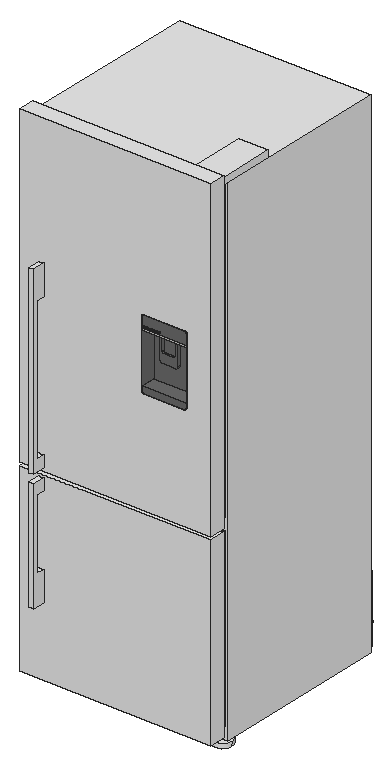
Revit family "Fisher & Paykel Fridge E402BRXFDU4", category Generic Models, host Floor, Revit 2013
Parameters
  URL = "www.fisherpaykel.com"
  Model = "E402BLXFDU4"
  Manufacturer = "Fisher&Paykel"
  Fridge = Fridge
  Designed by = "www.modlar.com"
  Description = "Fisher&Paykel Fridge E402BLXFDU4"
Reference planes
  plane 1 "Center (Front/Back)": y = 0
  plane 2: z = 0
  plane 3 "Center (Left/Right)": x = 0
Dimensions and locks
  equal spacing: host sketch curve, plane 1 "Center (Front/Back)", host sketch curve
  equal spacing: host sketch curve, plane 3 "Center (Left/Right)", host sketch curve
  host sketch curve to host sketch curve = 3048.000 mm  (x2)
  aligned and locked: level to plane 2
Nested families
  nested 1: "E402BLRXFDU4" at (0, 0, 0), type "E402BLRXFDU4"
Definition of nested family "E402BLRXFDU4"
  Parameters (values of type "E402BLRXFDU4")
    Width = 635.000 mm
    URL = "www.fisherpaykel.com"
    Manufacturer = "Fisher&Paykel"
    Fridge = Fridge
    Model = "E402BLXFDU4"
    Height = 1715.000 mm
    Description = "Fisher&Paykel Fridge E402BLXFDU4"
    Depth = 665.000 mm
  Reference planes
    plane 1 "Center (Front/Back)": y = 0
    plane 2: z = 0
    plane 3 "Center (Left/Right)": x = 0
    plane 4: x = -317.5
    plane 5: y = 332.5
    plane 6: y = -332.5
    plane 7: x = 317.5
    plane 8: z = 1715
    plane 9: y = -277.5
    plane 10: z = 24
    plane 11: z = 41
    plane 12: z = 629
    plane 13: z = 639
    plane 14: y = -373.5
    plane 15: x = -254.138
    plane 16: x = -239.5
    plane 17: z = 1283.576
    plane 18: z = 648
    plane 19: z = 619
    plane 20: z = 246
    plane 21: z = 1688
    plane 22: y = -107.5
    plane 23: x = 316.5
    plane 24: y = 362.5
    plane 25: z = 255
    plane 26: z = 225
    plane 27: x = -297.5
    plane 28: x = 297.5
    plane 29: z = 85
    plane 30: x = 280
    plane 31: y = 382.5
    plane 32: z = 1709.5
    plane 33: z = 1688
    plane 34: y = -262.3
    plane 35: x = -309.7
    plane 36: x = 309.7
    plane 37: z = 1682.5
    plane 38: z = 686.5
    plane 39: z = 649
    plane 40: z = 63
    plane 41: z = 14
    plane 42: y = -215.5
    plane 43: y = -164.5
    plane 44: x = 283
    plane 45: z = 1610
    plane 46: x = 87.062
    plane 47: z = 1247.676
    plane 48 "Ice": y = -277.7
    plane 49: y = -243.577
    plane 50: y = -174.677
    plane 51: y = 266.823
  Forms (mm)
    Extrusion 1, solid, material "Fridge" <- "Fridge"
      sketch origin (0, 0, 0) x (1, 0, 0) y (0, 1, 0)
        loop
          line (-317, 332.5) -> (-317, -262.3) -> (317, -262.3) -> (317, 332.5) -> (-317, 332.5)
      from 24 to 1688
    Extrusion 2, solid, material "Fridge" <- "Fridge"
      sketch origin (0, 0, 0) x (1, 0, 0) y (0, 0, 1)
        loop
          line (-317.5, 41) -> (317.5, 41) -> (317.5, 653) -> (-317.5, 653) -> (-317.5, 41)
        loop
          line (-317.5, 663) -> (317.5, 663) -> (317.5, 1715) -> (-317.5, 1715) -> (-317.5, 663)
      from 277.5 to 332.5
    Extrusion 3, solid, material "Fridge" <- "Fridge"
      sketch origin (0.362, 0, 0) x (0, 1, 0) y (0, 0, 1)
        loop
          line (-373.5, 1283.576) -> (-373.5, 672.5) -> (-332.5, 672.5) -> (-332.5, 712.5) -> (-359.031, 712.5) -> (-359.031, 1183.576) -> (-332.5, 1183.576) -> (-332.5, 1283.576) -> (-373.5, 1283.576)
        loop
          line (-373.5, 643.5) -> (-373.5, 270.5) -> (-332.5, 270.5) -> (-332.5, 370.5) -> (-359.031, 370.5) -> (-359.031, 603.5) -> (-332.5, 603.5) -> (-332.5, 643.5) -> (-373.5, 643.5)
      from -254.5 to -239.5
    Extrusion 4, solid, material "Fridge" <- "Fridge"
      sketch origin (0, 0, 0) x (0, 1, 0) y (0, 0, 1)
        loop
          line (362.5, 24) -> (362.5, 248.611) -> (332.5, 278.611) -> (332.5, 24) -> (362.5, 24)
      from -297 to 297
    Extrusion 5, solid, material "Fridge" <- "Fridge"
      sketch origin (0, 0, 0) x (0, 1, 0) y (0, 0, 1)
        loop
          line (-277.5, 62.25) -> (-262.3, 62.25) -> (-262.3, 648.25) -> (-277.5, 648.25) -> (-277.5, 62.25)
        loop
          line (-277.5, 685.5) -> (-262.3, 685.5) -> (-262.3, 1682.4) -> (-277.5, 1682.4) -> (-277.5, 685.5)
      from -309.7 to 309.7
    Extrusion 6, solid, material "Fridge" <- "Fridge"
      sketch origin (0, -15.277, 0) x (1, 0, 0) y (0, 1, 0)
        loop
          circle (-288, -228.3) r 5
        loop
          circle (288, -228.3) r 5
      from 14 to 24
    Extrusion 7, solid, material "Fridge" <- "Fridge"
      sketch origin (0, -15.381, 0) x (1, 0, 0) y (0, 1, 0)
        loop
          circle (-288, -228.3) r 30
        loop
          circle (288, -228.3) r 30
      from 0 to 14
    Extrusion 8, solid, material "Fridge" <- "Fridge"
      sketch origin (0, 16.861, 0.038) x (0, 1, 0) y (0, 0, 1)
        loop
          line (-167.5, 23.962) -> (-215.5, 23.962)
          arc (-215.5, 23.962) -> (-191.5, -0.039) -> (-167.5, 23.962) r 24
        loop
          arc (225.962, 23.962) -> (249.962, -0.039) -> (273.962, 23.962) r 24
          line (273.962, 23.962) -> (225.962, 23.962)
      from 248 to 265
    Extrusion 9, solid, material "Fridge" <- "Fridge"
      sketch origin (0, -1.377, 0) x (0, 1, 0) y (0, 0, -1)
        loop
          arc (-149.262, -24) -> (-173.262, 0) -> (-197.262, -24) r 24
          line (-197.262, -24) -> (-149.262, -24)
        loop
          line (244.2, -24) -> (292.2, -24)
          arc (292.2, -24) -> (268.2, 0) -> (244.2, -24) r 24
      from 248 to 265
    Extrusion 10, solid, material "Fridge" <- "Fridge"
      sketch origin (0, 0, 0) x (1, 0, 0) y (0, 1, 0)
        loop
          line (218.9, -92.5) -> (218.9, -277.5) -> (315.9, -277.5) -> (315.9, -92.5) -> (218.9, -92.5)
      from 1688 to 1709.5
    Extrusion 11, void
      sketch origin (0, 0, 0) x (1, 0, 0) y (0, 0, 1)
        loop
          arc (95.062, 1247.676) -> (89.405, 1245.333) -> (87.062, 1239.676) r 8
          line (87.062, 1239.676) -> (87.062, 1020.076)
          arc (87.062, 1020.076) -> (89.405, 1014.419) -> (95.062, 1012.076) r 8
          line (95.062, 1012.076) -> (229.562, 1012.076)
          arc (229.562, 1012.076) -> (235.219, 1014.419) -> (237.562, 1020.076) r 8
          line (237.562, 1020.076) -> (237.562, 1239.676)
          arc (237.562, 1239.676) -> (235.219, 1245.333) -> (229.562, 1247.676) r 8
          line (229.562, 1247.676) -> (95.062, 1247.676)
      from 277.7 to 332.5
    Extrusion 12, solid, material "Fridge" <- "Fridge"
      sketch origin (-0.486, 0, 0) x (1, 0, 0) y (0, 0, 1)
        loop
          circle (280, 85) r 5
      from -362.5 to -382.5
  Cuts and joins
    Extrusion 11 cuts Extrusion 1
    Extrusion 11 cuts Extrusion 2
  Dimensions and locks
    equal spacing: plane 4, plane 3 "Center (Left/Right)", plane 7
    equal spacing: plane 5, plane 1 "Center (Front/Back)", plane 6
    "Depth": plane 5 to plane 6
    "Width": plane 4 to plane 7
    "Height": plane 8 to level
    plane 13 to plane 12 to plane 11 to plane 10 to level = 10.000 mm, 588.000 mm, 17.000 mm, 24.000 mm
    plane 14 to plane 6 = 41.000 mm
    plane 4 to plane 15 to plane 16 = 63.362 mm, 14.638 mm
    plane 21 to level = 1688.000 mm
    plane 22 to plane 9 = 170.000 mm
    plane 23 to plane 7 = 1.000 mm
    plane 24 to plane 6 = 695.000 mm
    level to plane 26 to plane 25 = 225.000 mm, 30.000 mm
    plane 4 to plane 27 = 20.000 mm
    plane 7 to plane 28 = 20.000 mm
    plane 29 to plane 10 = 61.000 mm
    plane 30 to plane 28 = 17.500 mm
    plane 31 to plane 24 = 20.000 mm
    plane 8 to plane 32 to plane 33 = 5.500 mm, 21.500 mm
    plane 34 to plane 9 = 15.200 mm
    plane 4 to plane 35 = 7.800 mm
    plane 7 to plane 36 = 7.800 mm
    plane 21 to plane 37 to plane 38 to plane 39 to plane 40 = 5.500 mm, 996.000 mm, 37.500 mm, 586.000 mm
    plane 10 to plane 41 = 10.000 mm
    plane 42 to plane 34 = 46.800 mm
    plane 6 to plane 9 to plane 34 = 55.000 mm, 15.200 mm
    plane 34 to plane 5 = 594.800 mm
    plane 20 to level = 246.000 mm
    plane 19 to level = 619.000 mm
    plane 12 to level = 629.000 mm
    plane 13 to level = 639.000 mm
    level to plane 18 = 648.000 mm
    level to plane 17 = 1283.576 mm
    plane 8 to plane 45 = 105.000 mm
    plane 4 to plane 15 = 63.362 mm
    plane 46 to Extrusion 2 = 404.562 mm
    plane 8 to plane 17 = 431.424 mm
    Extrusion 3 to Extrusion 3 = 611.076 mm
    Extrusion 3 to Extrusion 3 = 373.000 mm
    Extrusion 3 sketch curve to Extrusion 3 sketch curve = 100.000 mm
    Extrusion 2 to plane 47 = 467.324 mm
    locked: plane 50 to plane 49 at 68.9
    plane 51 to plane 50 = 441.500 mm
    aligned and locked: plane 2 to level
    aligned and locked: Extrusion 1 sketch curve to plane 5
    aligned and locked: Extrusion 1 to plane 10
    aligned and locked: Extrusion 2 sketch curve to plane 11
    aligned and locked: Extrusion 2 sketch curve to plane 4  (x2)
    aligned and locked: Extrusion 2 sketch curve to plane 7
    aligned and locked: plane 14 to Extrusion 3 sketch curve  (x2)
    aligned and locked: Extrusion 3 sketch curve to plane 6  (x2)
    aligned and locked: plane 21 to Extrusion 1
    aligned and locked: Extrusion 2 sketch curve to plane 8
    aligned and locked: plane 24 to Extrusion 4 sketch curve
    aligned and locked: plane 10 to Extrusion 4 sketch curve
    aligned and locked: plane 5 to Extrusion 4 sketch curve
    aligned and locked: Extrusion 1 sketch curve to plane 34
    aligned and locked: plane 9 to Extrusion 5 sketch curve  (x2)
    aligned and locked: Extrusion 5 sketch curve to plane 34  (x2)
    aligned and locked: Extrusion 6 to Extrusion 1
    aligned and locked: plane 41 to Extrusion 6
    aligned and locked: Extrusion 7 to level
    aligned and locked: Extrusion 7 to Extrusion 6
    aligned and locked: plane 6 to Extrusion 2
    aligned and locked: Extrusion 11 to plane 48 "Ice"
    aligned and locked: Extrusion 10 to plane 33
  Automatic sketch dimensions
    plane 4 to Extrusion 1 sketch curve = 0.500 mm
    plane 7 to Extrusion 1 sketch curve = 0.500 mm
    plane 7 to Extrusion 2 sketch curve = 0.000 mm
    Extrusion 2 sketch curve to plane 39 = 4.000 mm
    Extrusion 2 sketch curve to Extrusion 2 sketch curve = 10.000 mm
    Extrusion 3 sketch curve to plane 6 = 0.000 mm  (x2)
    plane 17 to Extrusion 3 sketch curve = 0.000 mm
    plane 14 to Extrusion 3 sketch curve = 14.469 mm  (x2)
    Extrusion 3 sketch curve to plane 38 = 26.000 mm
    plane 38 to Extrusion 3 sketch curve = 14.000 mm
    plane 13 to Extrusion 3 sketch curve = 4.500 mm
    plane 19 to Extrusion 3 sketch curve = 15.500 mm
    Extrusion 3 sketch curve to plane 25 = 115.500 mm
    Extrusion 3 sketch curve to plane 25 = 15.500 mm
    Extrusion 4 sketch curve to plane 20 = 2.611 mm
    Extrusion 4 sketch curve to plane 25 = 23.611 mm
    plane 40 to Extrusion 5 sketch curve = 0.750 mm
    Extrusion 5 sketch curve to plane 18 = 0.250 mm
    plane 38 to Extrusion 5 sketch curve = 1.000 mm
    plane 37 to Extrusion 5 sketch curve = 0.100 mm
    plane 49 to Extrusion 6 sketch curve = 0.000 mm  (x2)
    plane 27 to Extrusion 6 sketch curve = 9.500 mm
    plane 44 to Extrusion 6 sketch curve = 5.000 mm
    plane 49 to Extrusion 7 sketch curve = 0.104 mm  (x2)
    plane 27 to Extrusion 7 sketch curve = 9.500 mm
    plane 44 to Extrusion 7 sketch curve = 5.000 mm
    Extrusion 8 sketch curve to plane 10 = 0.000 mm  (x2)
    Extrusion 8 sketch curve to plane 42 = 16.861 mm
    Extrusion 8 sketch curve to plane 43 = 13.862 mm
    plane 51 to Extrusion 8 sketch curve = 24.000 mm
    Extrusion 8 sketch curve to plane 51 = 24.000 mm
    Extrusion 9 sketch curve to plane 10 = 0.000 mm  (x2)
    Extrusion 9 sketch curve to plane 42 = 16.861 mm
    Extrusion 9 sketch curve to plane 43 = 13.862 mm
    plane 51 to Extrusion 9 sketch curve = 24.000 mm
    Extrusion 9 sketch curve to plane 51 = 24.000 mm
    plane 9 to Extrusion 10 sketch curve = 0.000 mm
    Extrusion 10 sketch curve to plane 30 = 61.100 mm
    plane 22 to Extrusion 10 sketch curve = 15.000 mm
    Extrusion 10 sketch curve to plane 23 = 0.600 mm
    Extrusion 11 sketch curve to plane 46 = 0.000 mm
    Extrusion 11 sketch curve to plane 47 = 0.000 mm
    plane 46 to Extrusion 11 sketch curve = 8.000 mm  (x2)
    Extrusion 11 sketch curve to plane 47 = 235.600 mm
    Extrusion 11 sketch curve to plane 30 = 50.438 mm  (x2)
    Extrusion 11 sketch curve to plane 47 = 8.000 mm
    Extrusion 12 sketch curve to plane 29 = 0.000 mm
    Extrusion 12 sketch curve to plane 30 = 0.486 mm
    radius of Extrusion 6 sketch curve = 5.000 mm  (x2)
    radius of Extrusion 7 sketch curve = 30.000 mm  (x2)
    radius of Extrusion 12 sketch curve = 5.000 mm
  Nested families
    nested 1: "Ice maker" at (87.062, -277.7, 1012.076), type "Ice maker"
  Definition of nested family "Ice maker"
    Parameters (values of type "Ice maker")
      Ice maker = UHMW, Black
      Fridge = Fridge
      Frame = Steel, Polished
      Brand = none
    Reference planes
      plane 1 "Center (Front/Back)": y = 0
      plane 2: z = 0
      plane 3 "Center (Left/Right)": x = 0
      plane 4: y = -54.8
      plane 5: x = 150.5
      plane 6: z = 235.6
      plane 7: z = 20
      plane 8: z = 187.1
      plane 9: z = 192.6
      plane 10: z = 196.129
      plane 11: x = 5.31
      plane 12: x = 75.25
      plane 13 "ice": y = -27.4
      plane 14: y = -33.4
      plane 15: y = -30.4
      plane 16: z = 179.1
      plane 17: x = 1
      plane 18: x = 149.5
      plane 19: y = -5
    Forms (mm)
      Extrusion 1, solid, material "Steel, Polished" <- "Frame"
        sketch origin (0, 0, 0) x (1, 0, 0) y (0, 0, 1)
          loop
            line (1, 187.1) -> (149.5, 187.1) -> (149.5, 192.6) -> (1, 192.6) -> (1, 187.1)
        from 0 to 54.8
      Extrusion 2, solid, material "UHMW, Black" <- "Ice maker"
        sketch origin (0, 0, 0) x (1, 0, 0) y (0, 0, 1)
          loop
            arc (8, 235.6) -> (2.343, 233.257) -> (0, 227.6) r 8
            line (0, 227.6) -> (0, 8)
            arc (0, 8) -> (2.343, 2.343) -> (8, 0) r 8
            line (8, 0) -> (142.5, 0)
            arc (142.5, 0) -> (148.157, 2.343) -> (150.5, 8) r 8
            line (150.5, 8) -> (150.5, 227.6)
            arc (150.5, 227.6) -> (148.157, 233.257) -> (142.5, 235.6) r 8
            line (142.5, 235.6) -> (8, 235.6)
          loop
            line (1, 192.6) -> (1, 20) -> (149.5, 20) -> (149.5, 192.6) -> (1, 192.6)
        from 0 to 54.8
      Extrusion 3, solid, material "Steel, Polished" <- "Frame"
        sketch origin (37.69, -18.414, 153.295) x (1, 0, 0) y (0, 0, 1)
          loop
            line (-30.953, 48.191) -> (-32.38, 42.834) -> (-31.094, 42.834) -> (-30.512, 45.035) -> (-27.529, 45.035) -> (-27.299, 45.885) -> (-30.282, 45.885) -> (-29.899, 47.34) -> (-26.756, 47.34) -> (-26.526, 48.191) -> (-30.953, 48.191)
          loop
            line (-26.37, 47.421) -> (-25.235, 47.421) -> (-25.024, 48.191) -> (-26.159, 48.191) -> (-26.37, 47.421)
          loop
            line (-26.592, 46.584) -> (-27.585, 42.834) -> (-26.45, 42.834) -> (-25.456, 46.584) -> (-26.592, 46.584)
          loop
            line (21.485, 42.834) -> (22.621, 42.834) -> (24.047, 48.191) -> (22.911, 48.191) -> (21.485, 42.834)
          loop
            spline (-19.682, 44.962) -> (-19.517, 45.32) -> (-19.341, 45.572) -> (-19.153, 45.737) -> (-18.952, 45.832) -> (-18.738, 45.876) -> (-18.508, 45.887) -> (-18.264, 45.882) -> (-18.022, 45.858) -> (-17.81, 45.8) -> (-17.657, 45.69) -> (-17.592, 45.513) -> (-17.643, 45.252)
            line (-17.643, 45.252) -> (-18.286, 42.834) -> (-17.152, 42.834) -> (-16.479, 45.379)
            spline (-16.479, 45.379) -> (-16.389, 45.941) -> (-16.539, 46.285) -> (-16.803, 46.475) -> (-17.067, 46.571) -> (-17.298, 46.611) -> (-17.511, 46.618) -> (-17.718, 46.618) -> (-17.94, 46.617) -> (-18.195, 46.613) -> (-18.507, 46.579) -> (-18.902, 46.407) -> (-19.41, 45.967)
            line (-19.41, 45.967) -> (-18.819, 48.191) -> (-19.953, 48.191) -> (-21.379, 42.834) -> (-20.244, 42.834) -> (-19.682, 44.962)
          loop
            line (-10.936, 46.584) -> (-11.93, 42.834) -> (-10.794, 42.834) -> (-10.213, 45.042)
            spline (-10.213, 45.042) -> (-10.076, 45.38) -> (-9.939, 45.609) -> (-9.796, 45.753) -> (-9.646, 45.834) -> (-9.484, 45.873) -> (-9.306, 45.893) -> (-9.115, 45.906) -> (-8.933, 45.895) -> (-8.784, 45.835) -> (-8.695, 45.704) -> (-8.689, 45.477) -> (-8.793, 45.132)
            line (-8.793, 45.132) -> (-7.722, 45.132)
            spline (-7.722, 45.132) -> (-7.605, 45.844) -> (-7.658, 46.21) -> (-7.808, 46.369) -> (-7.983, 46.455) -> (-8.159, 46.517) -> (-8.34, 46.555) -> (-8.531, 46.568) -> (-8.743, 46.561) -> (-8.983, 46.541) -> (-9.266, 46.475) -> (-9.612, 46.273) -> (-10.043, 45.842)
            line (-10.043, 45.842) -> (-9.801, 46.584) -> (-10.936, 46.584)
          loop
            line (9.569, 42.834) -> (10.392, 42.834)
            arc (10.392, 42.834) -> (10.001, 42.409) -> (9.549, 42.049) r 3.794
            arc (9.549, 42.049) -> (9.121, 41.885) -> (8.668, 41.959) r 0.881
            line (8.668, 41.959) -> (8.546, 41.188)
            arc (8.546, 41.188) -> (9.055, 41.176) -> (9.561, 41.241) r 3.394
            arc (9.561, 41.241) -> (10.199, 41.49) -> (10.719, 41.937) r 2.036
            arc (10.719, 41.937) -> (10.969, 42.261) -> (11.197, 42.601) r 6.112
            line (11.197, 42.601) -> (13.487, 46.584) -> (12.312, 46.584) -> (10.553, 43.42) -> (10.233, 46.584) -> (9.028, 46.584) -> (9.569, 42.834)
          loop
            line (14.08, 48.191) -> (12.646, 42.834) -> (13.782, 42.834) -> (14.223, 44.496) -> (15.035, 44.496) -> (16.119, 42.834) -> (17.378, 42.834) -> (15.943, 44.817) -> (18.042, 46.584) -> (16.873, 46.584) -> (15.227, 45.123) -> (14.395, 45.123) -> (15.206, 48.191) -> (14.08, 48.191)
          loop
            line (-1.576, 42.834) -> (-0.292, 42.834) -> (0.171, 44.56) -> (1.667, 44.56)
            spline (1.667, 44.56) -> (2.694, 44.606) -> (3.391, 44.734) -> (3.851, 44.93) -> (4.163, 45.179) -> (4.387, 45.479) -> (4.555, 45.835) -> (4.699, 46.253) -> (4.841, 46.732) -> (4.888, 47.232) -> (4.687, 47.686) -> (4.087, 48.027) -> (2.933, 48.191)
            line (2.933, 48.191) -> (-0.151, 48.191) -> (-1.576, 42.834)
          loop
            line (0.904, 47.34) -> (0.402, 45.444) -> (1.848, 45.444)
            spline (1.848, 45.444) -> (2.338, 45.429) -> (2.699, 45.492) -> (2.959, 45.62) -> (3.142, 45.799) -> (3.276, 46.016) -> (3.386, 46.255) -> (3.481, 46.504) -> (3.531, 46.746) -> (3.497, 46.966) -> (3.342, 47.149) -> (3.026, 47.279) -> (2.513, 47.34)
            line (2.513, 47.34) -> (0.904, 47.34)
          loop
            line (-14.963, 45.106) -> (-12.914, 45.106)
            spline (-12.914, 45.106) -> (-12.821, 45.458) -> (-12.859, 45.697) -> (-13.001, 45.845) -> (-13.218, 45.92) -> (-13.484, 45.946) -> (-13.77, 45.943) -> (-14.052, 45.926) -> (-14.315, 45.888) -> (-14.547, 45.807) -> (-14.739, 45.663) -> (-14.882, 45.436) -> (-14.963, 45.106)
          loop
            arc (-11.95, 44.545) -> (-11.803, 45.019) -> (-11.697, 45.504) r 5.692
            arc (-11.697, 45.504) -> (-11.756, 46.016) -> (-12.081, 46.416) r 0.918
            arc (-12.081, 46.416) -> (-13.12, 46.6) -> (-14.176, 46.585) r 5.573
            arc (-14.176, 46.585) -> (-15.14, 46.357) -> (-15.862, 45.678) r 1.918
            arc (-15.862, 45.678) -> (-16.288, 44.593) -> (-16.3, 43.427) r 3.23
            arc (-16.3, 43.427) -> (-15.896, 42.948) -> (-15.289, 42.794) r 1.025
            arc (-15.289, 42.794) -> (-14.279, 42.767) -> (-13.271, 42.836) r 10.666
            arc (-13.271, 42.836) -> (-12.426, 43.185) -> (-12.076, 44.03) r 1.194
            line (-12.076, 44.03) -> (-13.206, 44.03)
            spline (-13.206, 44.03) -> (-13.371, 43.751) -> (-13.583, 43.58) -> (-13.827, 43.493) -> (-14.091, 43.466) -> (-14.36, 43.476) -> (-14.621, 43.5) -> (-14.858, 43.532) -> (-15.056, 43.592) -> (-15.199, 43.702) -> (-15.268, 43.883) -> (-15.249, 44.157) -> (-15.124, 44.545)
            line (-15.124, 44.545) -> (-11.95, 44.545)
          loop
            line (18.517, 45.123) -> (20.565, 45.123)
            spline (20.565, 45.123) -> (20.658, 45.475) -> (20.62, 45.714) -> (20.479, 45.861) -> (20.262, 45.937) -> (19.996, 45.963) -> (19.709, 45.959) -> (19.427, 45.943) -> (19.165, 45.905) -> (18.932, 45.824) -> (18.74, 45.68) -> (18.598, 45.453) -> (18.517, 45.123)
          loop
            arc (21.53, 44.562) -> (21.677, 45.036) -> (21.782, 45.521) r 5.692
            arc (21.782, 45.521) -> (21.724, 46.033) -> (21.399, 46.432) r 0.918
            arc (21.399, 46.432) -> (20.359, 46.617) -> (19.303, 46.602) r 5.573
            arc (19.303, 46.602) -> (18.339, 46.374) -> (17.617, 45.695) r 1.918
            arc (17.617, 45.695) -> (17.192, 44.61) -> (17.179, 43.444) r 3.23
            arc (17.179, 43.444) -> (17.583, 42.965) -> (18.191, 42.811) r 1.025
            arc (18.191, 42.811) -> (19.201, 42.784) -> (20.209, 42.852) r 10.666
            arc (20.209, 42.852) -> (21.053, 43.202) -> (21.403, 44.047) r 1.194
            line (21.403, 44.047) -> (20.274, 44.047)
            spline (20.274, 44.047) -> (20.109, 43.768) -> (19.897, 43.597) -> (19.652, 43.51) -> (19.389, 43.483) -> (19.119, 43.493) -> (18.859, 43.517) -> (18.621, 43.549) -> (18.423, 43.609) -> (18.281, 43.719) -> (18.211, 43.9) -> (18.231, 44.174) -> (18.355, 44.562)
            line (18.355, 44.562) -> (21.53, 44.562)
          loop
            spline (8.727, 45.284) -> (8.767, 45.928) -> (8.592, 46.284) -> (8.282, 46.453) -> (7.919, 46.532) -> (7.547, 46.581) -> (7.16, 46.613) -> (6.754, 46.635) -> (6.321, 46.653) -> (5.868, 46.636) -> (5.423, 46.498) -> (5.014, 46.149) -> (4.67, 45.5)
            line (4.67, 45.5) -> (5.814, 45.5)
            arc (5.814, 45.5) -> (5.967, 45.868) -> (6.335, 46.02) r 0.521
            arc (6.335, 46.02) -> (6.897, 46.061) -> (7.449, 45.943) r 2.007
            arc (7.449, 45.943) -> (7.583, 45.269) -> (7.371, 44.615) r 1.364
            spline (7.371, 44.615) -> (6.424, 45.044) -> (5.63, 45.037) -> (5.005, 44.895) -> (4.533, 44.62) -> (4.211, 44.207) -> (4.069, 43.733) -> (4.108, 43.327) -> (4.335, 43.062) -> (4.808, 42.891) -> (5.514, 42.795) -> (6.382, 42.886) -> (7.26, 43.62)
            line (7.26, 43.62) -> (6.939, 42.834) -> (8.074, 42.834) -> (8.727, 45.284)
          loop
            spline (-25.881, 44.015) -> (-25.255, 42.812) -> (-23.957, 42.72) -> (-22.857, 42.862) -> (-22.011, 43.217) -> (-21.479, 43.851) -> (-21.425, 44.564) -> (-22.045, 44.999) -> (-23.23, 45.073) -> (-24.086, 45.198) -> (-24.196, 45.636) -> (-23.255, 46.038) -> (-22.313, 45.557)
            line (-22.313, 45.557) -> (-21.218, 45.557)
            spline (-21.218, 45.557) -> (-21.772, 46.528) -> (-22.971, 46.655) -> (-24.028, 46.598) -> (-24.852, 46.281) -> (-25.276, 45.566) -> (-25.313, 44.789) -> (-24.554, 44.462) -> (-23.468, 44.41) -> (-22.718, 44.271) -> (-22.607, 43.826) -> (-23.648, 43.358) -> (-24.592, 44.015)
            line (-24.592, 44.015) -> (-25.881, 44.015)
          loop
            arc (-2.802, 43.918) -> (-2.582, 44.437) -> (-2.453, 44.986) r 3.302
            line (-2.453, 44.986) -> (-3.196, 45.227)
            arc (-3.196, 45.227) -> (-3.295, 44.819) -> (-3.413, 44.415) r 8.608
            line (-3.413, 44.415) -> (-4.724, 45.477)
            spline (-4.724, 45.477) -> (-2.926, 45.913) -> (-2.429, 46.343) -> (-2.214, 46.922) -> (-2.312, 47.512) -> (-2.737, 47.807) -> (-3.315, 47.955) -> (-3.996, 48.038) -> (-4.775, 48.04) -> (-5.5, 47.89) -> (-6.064, 47.528) -> (-6.458, 46.921) -> (-6.256, 45.661)
            spline (-6.256, 45.661) -> (-7.342, 45.209) -> (-7.649, 44.733) -> (-7.781, 44.258) -> (-7.865, 43.731) -> (-7.774, 43.274) -> (-7.431, 43.02) -> (-6.975, 42.879) -> (-6.484, 42.802) -> (-5.939, 42.775) -> (-5.243, 42.772) -> (-4.344, 42.861) -> (-3.352, 43.364)
            line (-3.352, 43.364) -> (-2.466, 42.663) -> (-1.914, 43.215) -> (-2.802, 43.918)
          loop
            spline (-5.654, 45.33) -> (-6.41, 45.069) -> (-6.703, 44.63) -> (-6.848, 44.173) -> (-6.91, 43.787) -> (-6.825, 43.52) -> (-6.595, 43.372) -> (-6.273, 43.299) -> (-5.886, 43.268) -> (-5.406, 43.26) -> (-4.799, 43.263) -> (-4.149, 43.364) -> (-3.637, 43.735)
            line (-3.637, 43.735) -> (-5.654, 45.33)
          loop
            line (-5.087, 45.771) -> (-4.053, 45.935)
            spline (-4.053, 45.935) -> (-3.356, 46.297) -> (-3.248, 46.698) -> (-3.281, 46.97) -> (-3.456, 47.117) -> (-3.774, 47.172) -> (-4.164, 47.178) -> (-4.56, 47.158) -> (-4.909, 47.108) -> (-5.187, 47.005) -> (-5.427, 46.785) -> (-5.548, 46.388) -> (-5.087, 45.771)
          loop
            arc (6.715, 43.641) -> (6.681, 44.18) -> (6.217, 44.456) r 0.578
            arc (6.217, 44.456) -> (5.822, 44.446) -> (5.434, 44.377) r 2.611
            arc (5.434, 44.377) -> (5.07, 44.096) -> (5.024, 43.64) r 0.582
            arc (5.024, 43.64) -> (5.404, 43.436) -> (5.819, 43.315) r 2.102
            arc (5.819, 43.315) -> (6.311, 43.356) -> (6.715, 43.641) r 0.942
        from 36.386 to 37.386
      Extrusion 4, solid, material "UHMW, Black" <- "Ice maker"
        sketch origin (0, -27.4, 0) x (0, 0, 1) y (-1, 0, 0)
          loop
            line (187.1, -45.25) -> (105.1, -45.25)
            arc (105.1, -45.25) -> (99.443, -47.593) -> (97.1, -53.25) r 8
            line (97.1, -53.25) -> (97.1, -97.25)
            arc (97.1, -97.25) -> (99.443, -102.907) -> (105.1, -105.25) r 8
            line (105.1, -105.25) -> (187.1, -105.25) -> (187.1, -98.75) -> (133.6, -98.75)
            arc (133.6, -98.75) -> (128.297, -96.553) -> (126.1, -91.25) r 7.5
            line (126.1, -91.25) -> (126.1, -59.25)
            arc (126.1, -59.25) -> (128.297, -53.947) -> (133.6, -51.75) r 7.5
            line (133.6, -51.75) -> (187.1, -51.75) -> (187.1, -45.25)
        from 0 to 6
      Extrusion 5, solid, material "Steel, Polished" <- "Frame"
        sketch origin (0, 0, 0) x (1, 0, 0) y (0, 1, 0)
          loop
            circle (75.25, -30.4) r 7.5
        from 179.1 to 187.1
      Extrusion 6, solid, material "UHMW, Black" <- "Ice maker"
        sketch origin (0, -27.4, 0) x (0, 0, 1) y (-1, 0, 0)
          loop
            line (187.1, -1) -> (20, -1) -> (20, -149.5) -> (187.1, -149.5) -> (187.1, -1)
        from -27.4 to -22.4
    Dimensions and locks
      locked: plane 1 "Center (Front/Back)" to plane 4 at 54.8
      locked: plane 3 "Center (Left/Right)" to plane 5 at 150.5
      locked: plane 6 to level at 235.6
      locked: plane 7 to level at 20
      locked: plane 6 to plane 9 at 43
      locked: plane 9 to plane 8 at 5.5
      locked: plane 6 to plane 10 at 39.471
      locked: plane 11 to plane 3 "Center (Left/Right)" at 5.31
      equal spacing: plane 5, plane 12, plane 3 "Center (Left/Right)"
      locked: plane 8 to plane 16 at 8
      plane 1 "Center (Front/Back)" to plane 4 = 54.800 mm
      aligned and locked: plane 2 to level
    Automatic sketch dimensions
      Extrusion 3 sketch curve to plane 11 = 0.000 mm
      Extrusion 3 sketch curve to plane 10 = 1.646 mm
      Extrusion 3 sketch curve to Extrusion 3 sketch curve = 1.286 mm
      plane 11 to Extrusion 3 sketch curve = 1.427 mm
      plane 11 to Extrusion 3 sketch curve = 1.868 mm
      Extrusion 3 sketch curve to Extrusion 3 sketch curve = 0.231 mm  (x3)
      Extrusion 3 sketch curve to Extrusion 3 sketch curve = 1.055 mm  (x2)
      plane 10 to Extrusion 3 sketch curve = 0.000 mm  (x10)
      Extrusion 3 sketch curve to Extrusion 3 sketch curve = 3.509 mm
      Extrusion 3 sketch curve to Extrusion 3 sketch curve = 0.056 mm
      Extrusion 3 sketch curve to Extrusion 3 sketch curve = 0.230 mm
      Extrusion 3 sketch curve to Extrusion 3 sketch curve = 0.543 mm
      Extrusion 3 sketch curve to Extrusion 3 sketch curve = 0.165 mm
      Extrusion 3 sketch curve to Extrusion 3 sketch curve = 1.135 mm  (x6)
      Extrusion 3 sketch curve to Extrusion 3 sketch curve = 0.386 mm
      Extrusion 3 sketch curve to Extrusion 3 sketch curve = 0.367 mm
      Extrusion 3 sketch curve to Extrusion 3 sketch curve = 0.569 mm
      Extrusion 3 sketch curve to Extrusion 3 sketch curve = 1.136 mm  (x2)
      Extrusion 3 sketch curve to Extrusion 3 sketch curve = 0.221 mm
      Extrusion 3 sketch curve to Extrusion 3 sketch curve = 0.210 mm
      Extrusion 3 sketch curve to Extrusion 3 sketch curve = 1.289 mm
      plane 10 to Extrusion 3 sketch curve = 2.723 mm
      Extrusion 3 sketch curve to Extrusion 3 sketch curve = 2.279 mm
      Extrusion 3 sketch curve to Extrusion 3 sketch curve = 0.934 mm
      Extrusion 3 sketch curve to Extrusion 3 sketch curve = 1.095 mm
      Extrusion 3 sketch curve to Extrusion 3 sketch curve = 1.265 mm
      plane 10 to Extrusion 3 sketch curve = 2.128 mm
      Extrusion 3 sketch curve to Extrusion 3 sketch curve = 1.536 mm
      plane 10 to Extrusion 3 sketch curve = 3.133 mm
      Extrusion 3 sketch curve to Extrusion 3 sketch curve = 0.272 mm
      Extrusion 3 sketch curve to Extrusion 3 sketch curve = 1.134 mm
      Extrusion 3 sketch curve to Extrusion 3 sketch curve = 1.958 mm
      plane 10 to Extrusion 3 sketch curve = 2.418 mm
      Extrusion 3 sketch curve to Extrusion 3 sketch curve = 1.767 mm
      plane 10 to Extrusion 3 sketch curve = 2.545 mm
      Extrusion 3 sketch curve to Extrusion 3 sketch curve = 1.164 mm
      Extrusion 3 sketch curve to Extrusion 3 sketch curve = 1.355 mm  (x2)
      Extrusion 3 sketch curve to Extrusion 3 sketch curve = 0.161 mm  (x3)
      plane 10 to Extrusion 3 sketch curve = 1.196 mm
      Extrusion 3 sketch curve to Extrusion 3 sketch curve = 1.918 mm  (x2)
      Extrusion 3 sketch curve to Extrusion 3 sketch curve = 0.291 mm  (x2)
      Extrusion 3 sketch curve to Extrusion 3 sketch curve = 1.129 mm  (x2)
      Extrusion 3 sketch curve to Extrusion 3 sketch curve = 0.127 mm  (x2)
      Extrusion 3 sketch curve to Extrusion 3 sketch curve = 0.146 mm
      plane 10 to Extrusion 3 sketch curve = 3.750 mm  (x4)
      Extrusion 3 sketch curve to Extrusion 3 sketch curve = 1.014 mm
      plane 10 to Extrusion 3 sketch curve = 2.208 mm
      Extrusion 3 sketch curve to Extrusion 3 sketch curve = 0.723 mm
      plane 10 to Extrusion 3 sketch curve = 3.008 mm
      Extrusion 3 sketch curve to Extrusion 3 sketch curve = 0.170 mm
      Extrusion 3 sketch curve to Extrusion 3 sketch curve = 0.241 mm
      plane 10 to Extrusion 3 sketch curve = 2.298 mm
      Extrusion 3 sketch curve to Extrusion 3 sketch curve = 1.420 mm
      Extrusion 3 sketch curve to Extrusion 3 sketch curve = 1.071 mm
      plane 10 to Extrusion 3 sketch curve = 2.827 mm
      Extrusion 3 sketch curve to Extrusion 3 sketch curve = 1.466 mm
      plane 10 to Extrusion 3 sketch curve = 2.496 mm
      Extrusion 3 sketch curve to Extrusion 3 sketch curve = 0.602 mm
      plane 10 to Extrusion 3 sketch curve = 2.937 mm
      Extrusion 3 sketch curve to Extrusion 3 sketch curve = 0.567 mm
      plane 10 to Extrusion 3 sketch curve = 2.643 mm
      Extrusion 3 sketch curve to Extrusion 3 sketch curve = 0.363 mm
      plane 10 to Extrusion 3 sketch curve = 3.101 mm
      Extrusion 3 sketch curve to Extrusion 3 sketch curve = 0.671 mm
      plane 10 to Extrusion 3 sketch curve = 0.900 mm
      Extrusion 3 sketch curve to Extrusion 3 sketch curve = 1.087 mm
      plane 10 to Extrusion 3 sketch curve = 1.581 mm
      Extrusion 3 sketch curve to Extrusion 3 sketch curve = 0.224 mm
      plane 10 to Extrusion 3 sketch curve = 0.530 mm
      Extrusion 3 sketch curve to Extrusion 3 sketch curve = 0.285 mm
      plane 10 to Extrusion 3 sketch curve = 2.393 mm
      Extrusion 3 sketch curve to Extrusion 3 sketch curve = 0.217 mm
      plane 10 to Extrusion 3 sketch curve = 1.084 mm
      Extrusion 3 sketch curve to Extrusion 3 sketch curve = 0.550 mm
      Extrusion 3 sketch curve to plane 10 = 0.171 mm
      Extrusion 3 sketch curve to Extrusion 3 sketch curve = 0.886 mm
      plane 10 to Extrusion 3 sketch curve = 2.152 mm
      Extrusion 3 sketch curve to Extrusion 3 sketch curve = 0.743 mm
      plane 10 to Extrusion 3 sketch curve = 0.381 mm
      Extrusion 3 sketch curve to Extrusion 3 sketch curve = 0.552 mm
      Extrusion 3 sketch curve to Extrusion 3 sketch curve = 0.338 mm
      Extrusion 3 sketch curve to Extrusion 3 sketch curve = 1.285 mm
      plane 10 to Extrusion 3 sketch curve = 5.356 mm  (x2)
      Extrusion 3 sketch curve to Extrusion 3 sketch curve = 2.302 mm
      Extrusion 3 sketch curve to Extrusion 3 sketch curve = 0.462 mm
      plane 10 to Extrusion 3 sketch curve = 2.610 mm
      plane 10 to Extrusion 3 sketch curve = 4.506 mm
      Extrusion 3 sketch curve to Extrusion 3 sketch curve = 1.496 mm
      Extrusion 3 sketch curve to Extrusion 3 sketch curve = 0.181 mm
      Extrusion 3 sketch curve to Extrusion 3 sketch curve = 1.609 mm
      Extrusion 3 sketch curve to Extrusion 3 sketch curve = 0.419 mm
      Extrusion 3 sketch curve to Extrusion 3 sketch curve = 2.822 mm
      Extrusion 3 sketch curve to Extrusion 3 sketch curve = 1.144 mm
      Extrusion 3 sketch curve to Extrusion 3 sketch curve = 1.125 mm
      plane 10 to Extrusion 3 sketch curve = 0.786 mm
      Extrusion 3 sketch curve to Extrusion 3 sketch curve = 0.321 mm
      plane 10 to Extrusion 3 sketch curve = 1.781 mm
      Extrusion 3 sketch curve to Extrusion 3 sketch curve = 0.111 mm
      Extrusion 3 sketch curve to Extrusion 3 sketch curve = 0.814 mm
      Extrusion 3 sketch curve to Extrusion 3 sketch curve = 0.472 mm
      Extrusion 3 sketch curve to plane 10 = 0.875 mm
      Extrusion 3 sketch curve to Extrusion 3 sketch curve = 0.122 mm
      plane 10 to Extrusion 3 sketch curve = 2.450 mm
      Extrusion 3 sketch curve to Extrusion 3 sketch curve = 0.302 mm
      Extrusion 3 sketch curve to Extrusion 3 sketch curve = 0.901 mm
      Extrusion 3 sketch curve to Extrusion 3 sketch curve = 1.204 mm
      Extrusion 3 sketch curve to Extrusion 3 sketch curve = 0.822 mm
      plane 10 to Extrusion 3 sketch curve = 0.586 mm
      Extrusion 3 sketch curve to plane 10 = 0.234 mm
      Extrusion 3 sketch curve to Extrusion 3 sketch curve = 0.805 mm
      Extrusion 3 sketch curve to Extrusion 3 sketch curve = 2.080 mm
      Extrusion 3 sketch curve to Extrusion 3 sketch curve = 1.449 mm
      Extrusion 3 sketch curve to Extrusion 3 sketch curve = 1.175 mm
      Extrusion 3 sketch curve to Extrusion 3 sketch curve = 0.593 mm  (x2)
      plane 10 to Extrusion 3 sketch curve = 1.662 mm
      Extrusion 3 sketch curve to Extrusion 3 sketch curve = 0.441 mm
      Extrusion 3 sketch curve to Extrusion 3 sketch curve = 0.172 mm
      Extrusion 3 sketch curve to Extrusion 3 sketch curve = 0.812 mm  (x2)
      Extrusion 3 sketch curve to Extrusion 3 sketch curve = 1.126 mm
      plane 10 to Extrusion 3 sketch curve = 2.289 mm
      Extrusion 3 sketch curve to Extrusion 3 sketch curve = 0.191 mm
      plane 10 to Extrusion 3 sketch curve = 1.983 mm
      Extrusion 3 sketch curve to Extrusion 3 sketch curve = 0.717 mm
      Extrusion 3 sketch curve to Extrusion 3 sketch curve = 1.084 mm
      Extrusion 3 sketch curve to Extrusion 3 sketch curve = 0.930 mm
      Extrusion 3 sketch curve to Extrusion 3 sketch curve = 1.259 mm
      Extrusion 3 sketch curve to Extrusion 3 sketch curve = 1.169 mm
      Extrusion 3 sketch curve to Extrusion 3 sketch curve = 0.977 mm
      plane 10 to Extrusion 3 sketch curve = 1.213 mm
      Extrusion 3 sketch curve to Extrusion 3 sketch curve = 0.082 mm
      Extrusion 3 sketch curve to Extrusion 3 sketch curve = 2.346 mm
      Extrusion 3 sketch curve to Extrusion 3 sketch curve = 0.336 mm
      Extrusion 3 sketch curve to Extrusion 3 sketch curve = 0.851 mm  (x3)
      Extrusion 3 sketch curve to Extrusion 3 sketch curve = 0.617 mm
      Extrusion 3 sketch curve to Extrusion 3 sketch curve = 0.000 mm  (x9)
      Extrusion 3 sketch curve to Extrusion 3 sketch curve = 0.228 mm  (x3)
      Extrusion 3 sketch curve to Extrusion 3 sketch curve = 0.063 mm
      Extrusion 3 sketch curve to Extrusion 3 sketch curve = 4.320 mm
      Extrusion 3 sketch curve to Extrusion 3 sketch curve = 0.731 mm  (x2)
      Extrusion 3 sketch curve to Extrusion 3 sketch curve = 0.787 mm
      Extrusion 3 sketch curve to plane 10 = 1.789 mm
      Extrusion 3 sketch curve to Extrusion 3 sketch curve = 1.638 mm
      Extrusion 3 sketch curve to Extrusion 3 sketch curve = 0.065 mm  (x2)
      Extrusion 3 sketch curve to Extrusion 3 sketch curve = 0.089 mm  (x2)
      Extrusion 3 sketch curve to Extrusion 3 sketch curve = 0.312 mm  (x2)
      Extrusion 3 sketch curve to Extrusion 3 sketch curve = 0.522 mm  (x2)
      Extrusion 3 sketch curve to Extrusion 3 sketch curve = 0.905 mm  (x2)
      Extrusion 3 sketch curve to Extrusion 3 sketch curve = 0.471 mm
      Extrusion 3 sketch curve to Extrusion 3 sketch curve = 0.067 mm
      Extrusion 3 sketch curve to Extrusion 3 sketch curve = 0.354 mm
      Extrusion 3 sketch curve to Extrusion 3 sketch curve = 0.410 mm
      Extrusion 3 sketch curve to Extrusion 3 sketch curve = 0.555 mm
      Extrusion 3 sketch curve to Extrusion 3 sketch curve = 0.240 mm
      Extrusion 3 sketch curve to Extrusion 3 sketch curve = 0.556 mm
      Extrusion 3 sketch curve to Extrusion 3 sketch curve = 0.196 mm
      Extrusion 3 sketch curve to plane 10 = 0.986 mm
      Extrusion 3 sketch curve to Extrusion 3 sketch curve = 0.854 mm
      Extrusion 3 sketch curve to Extrusion 3 sketch curve = 0.199 mm  (x2)
      Extrusion 3 sketch curve to Extrusion 3 sketch curve = 0.385 mm
      Extrusion 3 sketch curve to Extrusion 3 sketch curve = 0.022 mm
      Extrusion 3 sketch curve to Extrusion 3 sketch curve = 0.324 mm
      Extrusion 3 sketch curve to Extrusion 3 sketch curve = 0.545 mm
      Extrusion 3 sketch curve to Extrusion 3 sketch curve = 0.042 mm  (x2)
      Extrusion 3 sketch curve to Extrusion 3 sketch curve = 0.036 mm
      Extrusion 3 sketch curve to Extrusion 3 sketch curve = 0.151 mm
      Extrusion 3 sketch curve to Extrusion 3 sketch curve = 0.537 mm
      Extrusion 3 sketch curve to Extrusion 3 sketch curve = 0.119 mm
      Extrusion 3 sketch curve to Extrusion 3 sketch curve = 0.020 mm
      Extrusion 3 sketch curve to plane 10 = 1.593 mm
      Extrusion 3 sketch curve to Extrusion 3 sketch curve = 0.011 mm
      Extrusion 3 sketch curve to plane 10 = 0.897 mm
      Extrusion 3 sketch curve to Extrusion 3 sketch curve = 0.700 mm
      Extrusion 3 sketch curve to Extrusion 3 sketch curve = 0.425 mm
      Extrusion 3 sketch curve to Extrusion 3 sketch curve = 3.775 mm
      Extrusion 3 sketch curve to Extrusion 3 sketch curve = 1.261 mm
      Extrusion 3 sketch curve to plane 10 = 1.772 mm
      Extrusion 3 sketch curve to Extrusion 3 sketch curve = 1.574 mm
      Extrusion 3 sketch curve to Extrusion 3 sketch curve = 0.786 mm  (x2)
      Extrusion 3 sketch curve to Extrusion 3 sketch curve = 1.181 mm
      Extrusion 3 sketch curve to Extrusion 3 sketch curve = 0.834 mm
      Extrusion 3 sketch curve to Extrusion 3 sketch curve = 0.884 mm
      Extrusion 3 sketch curve to Extrusion 3 sketch curve = 0.515 mm
      Extrusion 3 sketch curve to Extrusion 3 sketch curve = 2.201 mm
      Extrusion 3 sketch curve to Extrusion 3 sketch curve = 0.561 mm  (x2)
      Extrusion 3 sketch curve to Extrusion 3 sketch curve = 0.335 mm
      Extrusion 3 sketch curve to Extrusion 3 sketch curve = 0.699 mm
      Extrusion 3 sketch curve to Extrusion 3 sketch curve = 1.455 mm
      Extrusion 3 sketch curve to Extrusion 3 sketch curve = 0.836 mm
      Extrusion 3 sketch curve to Extrusion 3 sketch curve = 2.224 mm
      Extrusion 3 sketch curve to Extrusion 3 sketch curve = 3.629 mm
      Extrusion 3 sketch curve to Extrusion 3 sketch curve = 1.751 mm
      Extrusion 3 sketch curve to Extrusion 3 sketch curve = 0.023 mm
      Extrusion 3 sketch curve to Extrusion 3 sketch curve = 0.481 mm
      Extrusion 3 sketch curve to Extrusion 3 sketch curve = 0.610 mm
      Extrusion 3 sketch curve to Extrusion 3 sketch curve = 0.054 mm  (x2)
      Extrusion 3 sketch curve to Extrusion 3 sketch curve = 0.417 mm
      plane 7 to Extrusion 4 sketch curve = 77.100 mm
      plane 8 to Extrusion 4 sketch curve = 0.000 mm  (x2)
      plane 12 to Extrusion 4 sketch curve = 30.000 mm
      Extrusion 4 sketch curve to Extrusion 4 sketch curve = 8.000 mm  (x2)
      Extrusion 4 sketch curve to Extrusion 4 sketch curve = 21.000 mm
      Extrusion 4 sketch curve to Extrusion 4 sketch curve = 7.500 mm  (x2)
      Extrusion 4 sketch curve to Extrusion 4 sketch curve = 6.500 mm
      Extrusion 4 sketch curve to plane 12 = 16.000 mm
      Extrusion 4 sketch curve to plane 12 = 22.000 mm
      Extrusion 5 sketch curve to plane 12 = 0.000 mm
      plane 15 to Extrusion 5 sketch curve = 0.000 mm
      Extrusion 2 sketch curve to plane 3 "Center (Left/Right)" = 0.000 mm
      Extrusion 2 sketch curve to level = 0.000 mm
      Extrusion 2 sketch curve to plane 6 = 0.000 mm
      Extrusion 2 sketch curve to plane 9 = 0.000 mm
      Extrusion 2 sketch curve to plane 18 = 0.000 mm
      Extrusion 2 sketch curve to plane 5 = 0.000 mm
      Extrusion 2 sketch curve to plane 17 = 0.000 mm
      Extrusion 2 sketch curve to plane 7 = 0.000 mm
      plane 11 to Extrusion 2 sketch curve = 2.690 mm  (x2)
      Extrusion 2 sketch curve to plane 18 = 7.000 mm  (x2)
      Extrusion 1 sketch curve to plane 9 = 0.000 mm
      Extrusion 1 sketch curve to plane 17 = 0.000 mm
      Extrusion 1 sketch curve to plane 18 = 0.000 mm
      Extrusion 1 sketch curve to plane 8 = 0.000 mm
      Extrusion 6 sketch curve to plane 18 = 0.000 mm
      Extrusion 6 sketch curve to plane 7 = 0.000 mm
      Extrusion 6 sketch curve to plane 8 = 0.000 mm
      Extrusion 6 sketch curve to plane 17 = 0.000 mm
      radius of Extrusion 5 sketch curve = 7.500 mm
